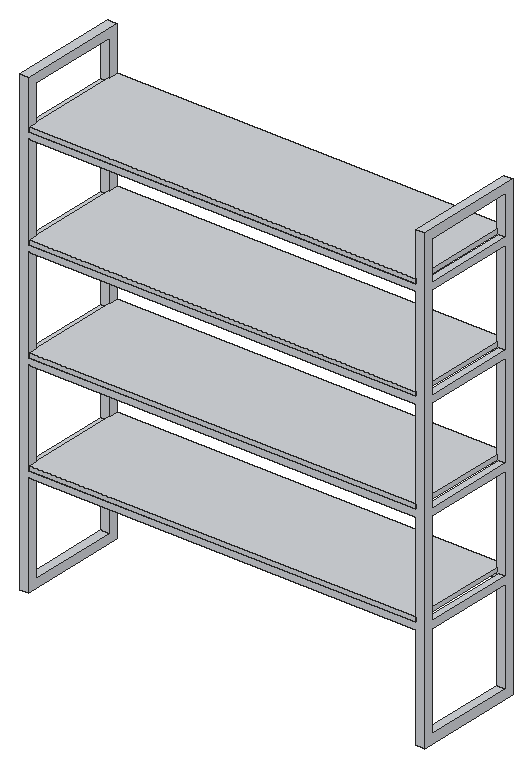
Revit family "Prateleira de Ferro 1", category Mobiliário, Revit 2019
Family settings
  Número OmniClass = 23.40.20.00
  Título OmniClass = General Furniture and Specialties
  Com base no plano de trabalho = Não
  Sempre na vertical = Sim
  Corte com vazios quando carregada = Não
  Compartilhado = Não
  Ponto de cálculo do ambiente = Não
Parameters
  Tampo = none
  Profundidade = 73.3459 cm
  Largura = 210 cm
  Estrutura = none
Reference planes (cm)
  plane 1 "Centro (Frente/Trás)": y = 0
  plane 2: z = 0
  plane 3 "Centro (Esquerda/Direita)": x = 0
  plane 4: x = 184
  plane 5: y = -50
Forms (cm)
  Extrusion 1, solid, material <- "Estrutura"
    sketch origin (0, 0, 0) x (0, 1, 0) y (0, 0, 1)
      loop
        line (0, 0) -> (0, 210) -> (-50, 210) -> (-50, 0) -> (0, 0)
      loop
        line (-46, 4) -> (-4, 4) -> (-4, 206) -> (-46, 206) -> (-46, 4)
    from 0 to 4
  Extrusion 2, solid, material <- "Estrutura", not visible
    sketch origin (0, 0, 0) x (0, 1, 0) y (0, 0, 1)
      loop
        line (0, 0) -> (0, 210) -> (-50, 210) -> (-50, 0) -> (0, 0)
      loop
        line (-46, 4) -> (-4, 4) -> (-4, 206) -> (-46, 206) -> (-46, 4)
    from 0 to 4
  Extrusion 3, solid, material <- "Estrutura"
    sketch origin (180, 0, 0) x (0, 1, 0) y (0, 0, 1)
      loop
        line (0, 0) -> (0, 210) -> (-50, 210) -> (-50, 0) -> (0, 0)
      loop
        line (-46, 4) -> (-4, 4) -> (-4, 206) -> (-46, 206) -> (-46, 4)
    from 0 to 4
  Extrusion 4, solid, material <- "Estrutura"
    sketch origin (0, 0, 47) x (1, 0, 0) y (0, 1, 0)
      loop
        line (0, -50) -> (184, -50) -> (184, 0) -> (0, 0) -> (0, -50)
      loop
        line (181, -3) -> (93.5, -3) -> (93.5, -47) -> (181, -47) -> (181, -3)
      loop
        line (3, -3) -> (3, -47) -> (90.5, -47) -> (90.5, -3) -> (3, -3)
    from 0 to 3
  Extrusion 5, solid, material <- "Tampo"
    sketch origin (0, 0, 50) x (1, 0, 0) y (0, 1, 0)
      loop
        line (4, -50) -> (180, -50) -> (180, 0) -> (4, 0) -> (4, -50)
    from 0 to 2
  Extrusion 6, solid, material <- "Estrutura", not visible
    sketch origin (0, 0, 44) x (1, 0, 0) y (0, 1, 0)
      loop
        line (0, -50) -> (184, -50) -> (184, 0) -> (0, 0) -> (0, -50)
      loop
        line (181, -3) -> (93.5, -3) -> (93.5, -47) -> (181, -47) -> (181, -3)
      loop
        line (3, -3) -> (3, -47) -> (90.5, -47) -> (90.5, -3) -> (3, -3)
    from 0 to 3
  Extrusion 7, solid, material <- "Tampo", not visible
    sketch origin (0, 0, 47) x (1, 0, 0) y (0, 1, 0)
      loop
        line (4, -50) -> (180, -50) -> (180, 0) -> (4, 0) -> (4, -50)
    from 0 to 2
  Extrusion 8, solid, material <- "Estrutura"
    sketch origin (0, 0, 185) x (1, 0, 0) y (0, 1, 0)
      loop
        line (0, -50) -> (184, -50) -> (184, 0) -> (0, 0) -> (0, -50)
      loop
        line (181, -3) -> (93.5, -3) -> (93.5, -47) -> (181, -47) -> (181, -3)
      loop
        line (3, -3) -> (3, -47) -> (90.5, -47) -> (90.5, -3) -> (3, -3)
    from 0 to 3
  Extrusion 9, solid, material <- "Tampo"
    sketch origin (0, 0, 188) x (1, 0, 0) y (0, 1, 0)
      loop
        line (4, -50) -> (180, -50) -> (180, 0) -> (4, 0) -> (4, -50)
    from 0 to 2
  Extrusion 10, solid, material <- "Estrutura"
    sketch origin (0, 0, 93) x (1, 0, 0) y (0, 1, 0)
      loop
        line (0, -50) -> (184, -50) -> (184, 0) -> (0, 0) -> (0, -50)
      loop
        line (181, -3) -> (93.5, -3) -> (93.5, -47) -> (181, -47) -> (181, -3)
      loop
        line (3, -3) -> (3, -47) -> (90.5, -47) -> (90.5, -3) -> (3, -3)
    from 0 to 3
  Extrusion 11, solid, material <- "Tampo"
    sketch origin (0, 0, 96) x (1, 0, 0) y (0, 1, 0)
      loop
        line (4, -50) -> (180, -50) -> (180, 0) -> (4, 0) -> (4, -50)
    from 0 to 2
  Extrusion 12, solid, material <- "Estrutura"
    sketch origin (0, 0, 139) x (1, 0, 0) y (0, 1, 0)
      loop
        line (0, -50) -> (184, -50) -> (184, 0) -> (0, 0) -> (0, -50)
      loop
        line (181, -3) -> (93.5, -3) -> (93.5, -47) -> (181, -47) -> (181, -3)
      loop
        line (3, -3) -> (3, -47) -> (90.5, -47) -> (90.5, -3) -> (3, -3)
    from 0 to 3
  Extrusion 13, solid, material <- "Tampo"
    sketch origin (0, 0, 142) x (1, 0, 0) y (0, 1, 0)
      loop
        line (4, -50) -> (180, -50) -> (180, 0) -> (4, 0) -> (4, -50)
    from 0 to 2
Cuts and joins
  joined: Extrusion 1, Extrusion 3, Extrusion 4, Extrusion 8, Extrusion 10, Extrusion 12
Dimensions and locks (cm)
  equal spacing: group 4, group 7, group 8, group 6  (x3)
  aligned and locked: level to plane 2
  aligned and locked: plane 4 to Extrusion 3
  aligned and locked: Extrusion 1 to plane 3 "Centro (Esquerda/Direita)"
  aligned and locked: plane 5 to Extrusion 9
Automatic sketch dimensions
  Extrusion 8 sketch curve to Extrusion 8 sketch curve = 3 cm  (x5)
  Extrusion 8 sketch curve to Extrusion 8 sketch curve = 87.5 cm  (x2)
  Extrusion 8 sketch curve to Extrusion 8 sketch curve = 0 cm
  Extrusion 8 sketch curve to Extrusion 8 sketch curve = 44 cm  (x2)
  Extrusion 4 sketch curve to Extrusion 4 sketch curve = 3 cm  (x5)
  Extrusion 4 sketch curve to Extrusion 4 sketch curve = 87.5 cm  (x2)
  Extrusion 4 sketch curve to Extrusion 4 sketch curve = 0 cm
  Extrusion 4 sketch curve to Extrusion 4 sketch curve = 44 cm  (x2)
  Extrusion 6 sketch curve to Extrusion 6 sketch curve = 3 cm  (x5)
  Extrusion 6 sketch curve to Extrusion 6 sketch curve = 87.5 cm  (x2)
  Extrusion 6 sketch curve to Extrusion 6 sketch curve = 0 cm
  Extrusion 6 sketch curve to Extrusion 6 sketch curve = 44 cm  (x2)
  Extrusion 10 sketch curve to Extrusion 10 sketch curve = 3 cm  (x5)
  Extrusion 10 sketch curve to Extrusion 10 sketch curve = 87.5 cm  (x2)
  Extrusion 10 sketch curve to Extrusion 10 sketch curve = 0 cm
  Extrusion 10 sketch curve to Extrusion 10 sketch curve = 44 cm  (x2)
  Extrusion 12 sketch curve to Extrusion 12 sketch curve = 3 cm  (x5)
  Extrusion 12 sketch curve to Extrusion 12 sketch curve = 87.5 cm  (x2)
  Extrusion 12 sketch curve to Extrusion 12 sketch curve = 0 cm
  Extrusion 12 sketch curve to Extrusion 12 sketch curve = 44 cm  (x2)
